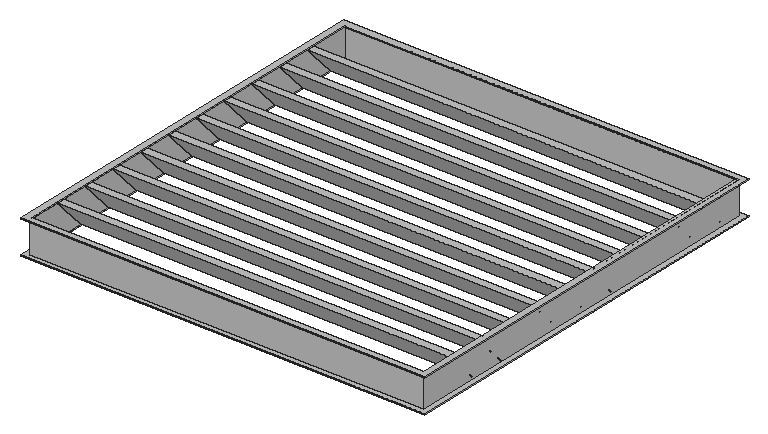
Revit family "Louver-Channel_Frame-Carnes-Backdraft_Damper-Exhaust_FPPB", category Air Terminals, host Face, Revit 2012
Parameters (values of type "(See Type Catalog)")
  ecoScorecard_data = ""
  ecoScorecard Product Page = "http://ecoscorecard.com/"
  Wall Thickness Cut [instance] = 8.03516"
  URL = "http://www.carnes.com/index.html"
  Subcategory = "Louvers and Dampers"
  Specifications  URL = "http://www.carnes.com/Louvers/pdf/30097.pdf"
  Product Page URL = "http://www.carnes.com/Louvers/FPPB-FTPB.htm"
  Product Line = "Combination Louver / Backdraft Damper"
  Pressure Drop = 0.00 Pa
  Outside Width = Louver Width Control + 0.75" * 2  # 49.50"
  Outside Height = Louver Height Control + 0.75" * 2  # 49.50"
  Model = "FPPB"
  Minimum Size = "12\"W x 12\"H"
  Meets Building Code Standards = "See Catalog URL"
  Maximum Size Note = "60\"W x 120\"H"
  Manufacturer = "Carnes Company"
  Louver Width Control = if(Louver Width < 12.00", 12.00", if(Louver Width > 60.00", 60.00", Louver Width))  # 48.00"
  Louver Height Control = if(Louver Height < 12.00", 12.00", if(Louver Height > 120.00", 120.00", Louver Height))  # 48.00"
  Free Area Note = "See Spec Sheet URL"
  Free Area = 0.00 SF
  Description = "Combination Louver / Backdraft Damper"
  Connector Description 1 = "Duct Connetor"
  Blades Quantity [instance] = (Louver Height Control - (Blade Offset from Frame - 0.75")) / 4.25"  # 10
  Manufacturer Phone = "608-845-6411"
  Manufacturer Fax = "608-845-6470"
  Manufacturer Email = "mailto:carnes@carnes.com"
  Manufacturer Address = "448 S. Main St., P. O. Box 930040, Verona, WI 53593-0040"
  Louver Width = 48.00"
  Louver Length = 4.16016"
  Louver Height = 48.00"
  Blades Length [instance] = Louver Length - (0.13" * 2)  # 3.90016"
  Frame Material = Aluminum - Carnes - Extruded
  Default Elevation = 48.00"
  Cost Info = "mailto:carnes@carnes.com"
  Catalog URL = "http://www.carnes.com/Louvers/pdf/f40-41.pdf"
  Symbol Blades Quantity = Louver Width / 4.25"  # 11
  Blade Offset from Frame [instance] = 4.50"
  Blade Material = Aluminum - Carnes - Extruded
  Assembly Code = "D3090700"
  Airflow = 0 CFM
  95 CSI = "10200"
  04 CSI = "08 91 00"
Reference planes (in)
  plane 1 "Center (Elevation)": y = 0
  plane 2: z = 0
  plane 3 "Center (Left/Right)": x = 0
  plane 4 "Rear": z = -4.16016
  plane 5: z = -0.125
  plane 6: z = -4.03516
  plane 7: z = -2.08008
  plane 8: x = -24
  plane 9: x = 24
  plane 10: x = -24.75
  plane 11: x = 24.75
  plane 12: y = 24
  plane 13: y = -24
  plane 14: y = 24.75
  plane 15: y = -24.75
  plane 16 "Blade CL": y = 20.25
  plane 17: z = -8.03516
Forms (in)
  Extrusion 1, solid, material "Aluminum - Carnes - Extruded" <- "Frame Material"
    sketch origin (0, 0, 0) x (1, 0, 0) y (0, 1, 0)
      loop
        line (-24.75, 24.75) -> (-24.75, -24.75) -> (24.75, -24.75) -> (24.75, 24.75) -> (-24.75, 24.75)
      loop
        line (-24, 24) -> (-24, -24) -> (24, -24) -> (24, 24) -> (-24, 24)
    from -0.125 to 0
  Extrusion 2, solid, material "Aluminum - Carnes - Extruded" <- "Frame Material"
    sketch origin (0, 0, 0) x (1, 0, 0) y (0, 1, 0)
      loop
        line (-24.75, 24.75) -> (-24.75, -24.75) -> (24.75, -24.75) -> (24.75, 24.75) -> (-24.75, 24.75)
      loop
        line (-24, 24) -> (-24, -24) -> (24, -24) -> (24, 24) -> (-24, 24)
    from -4.16016 to -4.03516
  Extrusion 3, solid, material "Aluminum - Carnes - Extruded" <- "Frame Material"
    sketch origin (0, 0, 0) x (1, 0, 0) y (0, 1, 0)
      loop
        line (-24, 24) -> (-24, -24) -> (24, -24) -> (24, 24) -> (-24, 24)
      loop
        line (-24.125, 24.125) -> (-24.125, -24.125) -> (24.125, -24.125) -> (24.125, 24.125) -> (-24.125, 24.125)
    from -4.03516 to -0.125
  Sweep 4, void
    path origin (0, 0, 0) x (0, 1, 0) y (0, 0, 1)
      loop
        line (0, 0) -> (0, -8.03516)
    profile origin (0, 0, -4.01758) x (1, 0, 0) y (0, 1, 0)
      loop
        line (-24.75, 24.75) -> (-24.75, -24.75) -> (24.75, -24.75) -> (24.75, 24.75) -> (-24.75, 24.75)
Lines and regions (in)
  Masking region 1, detail levels coarse
    outline origin (0, 0, 0) x (1, 0, 0) y (0, 0, 1)
      loop
        line (24.75, 0) -> (-24.75, 0) -> (-24.75, -4.16016) -> (24.75, -4.16016) -> (24.75, 0)
  Masking region 2, detail levels medium+fine
    outline origin (0, 0, 0) x (1, 0, 0) y (0, 0, 1)
      loop
        line (24.75, 0) -> (-24.75, 0) -> (-24.75, -0.125) -> (-24.125, -0.125) -> (-24.125, -4.03516) -> (-24.75, -4.03516) -> (-24.75, -4.16016) -> (24.75, -4.16016) -> (24.75, -4.03516) -> (24.125, -4.03516) -> (24.125, -0.125) -> (24.75, -0.125) -> (24.75, 0)
  symbolic lines, detail levels fine
    curve 1: line (24.125, 0, -0.125) -> (-24.125, 0, -0.125)
    curve 2: line (24.125, 0, -4.03516) -> (-24.125, 0, -4.03516)
  symbolic lines
    curve 3: line (24, 0, -0.1875) -> (23.52861, 0, -0.1875)
    curve 4: line (21.47501, 0, -3.97516) -> (22.50249, 0, -2.08008)
    curve 5: line (22.50249, 0, -2.08008) -> (23.52861, 0, -0.1875)
    curve 6: line (21.47501, 0, -3.97516) -> (20.94248, 0, -3.97516)
    curve 7: line (19.75, 0, -0.1875) -> (19.27861, 0, -0.1875)
    curve 8: line (17.22501, 0, -3.97516) -> (18.25249, 0, -2.08008)
    curve 9: line (18.25249, 0, -2.08008) -> (19.27861, 0, -0.1875)
    curve 10: line (17.22501, 0, -3.97516) -> (16.69248, 0, -3.97516)
    curve 11: line (15.5, 0, -0.1875) -> (15.02861, 0, -0.1875)
    curve 12: line (12.97501, 0, -3.97516) -> (14.00249, 0, -2.08008)
    curve 13: line (14.00249, 0, -2.08008) -> (15.02861, 0, -0.1875)
    curve 14: line (12.97501, 0, -3.97516) -> (12.44248, 0, -3.97516)
    curve 15: line (11.25, 0, -0.1875) -> (10.77861, 0, -0.1875)
    curve 16: line (8.72501, 0, -3.97516) -> (9.75249, 0, -2.08008)
    curve 17: line (9.75249, 0, -2.08008) -> (10.77861, 0, -0.1875)
    curve 18: line (8.72501, 0, -3.97516) -> (8.19248, 0, -3.97516)
    curve 19: line (7, 0, -0.1875) -> (6.52861, 0, -0.1875)
    curve 20: line (4.47501, 0, -3.97516) -> (5.50249, 0, -2.08008)
    curve 21: line (5.50249, 0, -2.08008) -> (6.52861, 0, -0.1875)
    curve 22: line (4.47501, 0, -3.97516) -> (3.94248, 0, -3.97516)
    curve 23: line (2.75, 0, -0.1875) -> (2.27861, 0, -0.1875)
    curve 24: line (0.22501, 0, -3.97516) -> (1.25249, 0, -2.08008)
    curve 25: line (1.25249, 0, -2.08008) -> (2.27861, 0, -0.1875)
    curve 26: line (0.22501, 0, -3.97516) -> (-0.30752, 0, -3.97516)
    curve 27: line (-1.5, 0, -0.1875) -> (-1.97139, 0, -0.1875)
    curve 28: line (-4.02499, 0, -3.97516) -> (-2.99751, 0, -2.08008)
    curve 29: line (-2.99751, 0, -2.08008) -> (-1.97139, 0, -0.1875)
    curve 30: line (-4.02499, 0, -3.97516) -> (-4.55752, 0, -3.97516)
    curve 31: line (-5.75, 0, -0.1875) -> (-6.22139, 0, -0.1875)
    curve 32: line (-8.27499, 0, -3.97516) -> (-7.24751, 0, -2.08008)
    curve 33: line (-7.24751, 0, -2.08008) -> (-6.22139, 0, -0.1875)
    curve 34: line (-8.27499, 0, -3.97516) -> (-8.80752, 0, -3.97516)
    curve 35: line (-10, 0, -0.1875) -> (-10.47139, 0, -0.1875)
    curve 36: line (-12.52499, 0, -3.97516) -> (-11.49751, 0, -2.08008)
    curve 37: line (-11.49751, 0, -2.08008) -> (-10.47139, 0, -0.1875)
    curve 38: line (-12.52499, 0, -3.97516) -> (-13.05752, 0, -3.97516)
    curve 39: line (-14.25, 0, -0.1875) -> (-14.72139, 0, -0.1875)
    curve 40: line (-16.77499, 0, -3.97516) -> (-15.74751, 0, -2.08008)
    curve 41: line (-15.74751, 0, -2.08008) -> (-14.72139, 0, -0.1875)
    curve 42: line (-16.77499, 0, -3.97516) -> (-17.30752, 0, -3.97516)
    curve 43: line (-18.5, 0, -0.1875) -> (-18.97139, 0, -0.1875)
    curve 44: line (-21.02499, 0, -3.97516) -> (-19.99751, 0, -2.08008)
    curve 45: line (-19.99751, 0, -2.08008) -> (-18.97139, 0, -0.1875)
    curve 46: line (-21.02499, 0, -3.97516) -> (-21.55752, 0, -3.97516)
Dimensions and locks (in)
  equal spacing: plane 15, plane 1 "Center (Elevation)", plane 14
  locked: plane 2 to plane 5 at 0.125
  locked: plane 6 to plane 4 "Rear" at 0.125
  "Louver Length": plane 2 to plane 4 "Rear"
  equal spacing: plane 5, plane 7, plane 6
  "Blade Offset from Frame": plane 14 to plane 16 "Blade CL"
  "Outside Height": plane 14 to plane 15
  equal spacing: plane 8, plane 3 "Center (Left/Right)", plane 9
  "Louver Width": plane 8 to plane 9
  equal spacing: plane 10, plane 3 "Center (Left/Right)", plane 11
  "Outside Width": plane 10 to plane 11
  equal spacing: plane 13, plane 1 "Center (Elevation)", plane 12
  "Louver Height": plane 13 to plane 12
  locked: curve 3 to plane 5 at 0.0625
  equal spacing: group 1, group 2, group 3, group 4, group 5, group 6, group 7, group 8, group 9, group 10  (x2)
  equal spacing: group 10, group 9, group 8, group 7, group 6, group 5, group 4, group 3, group 2, group 1
  locked: nested 1 to nested 2 at 4.25
  plane 6 to curve 6 = 0.06"
  equal spacing: group 21, group 20, group 19, group 18, group 17, group 16, group 15, group 14, group 13, group 12, group 11
  equal spacing: group 11, group 12, group 13, group 14, group 15, group 16, group 17, group 18, group 19, group 20, group 21  (x2)
  locked: curve 5 to curve 9 at 4.25
  locked: curve 6 to plane 11 at 3.80752
  "Wall Thickness Cut": plane 2 to plane 17
  aligned and locked: plane 2 to host face
  aligned and locked: host face to level
  aligned and locked: plane 10 to Extrusion 1 sketch curve
  aligned and locked: Extrusion 1 sketch curve to plane 14
  aligned and locked: plane 15 to Extrusion 1 sketch curve
  aligned and locked: plane 11 to Extrusion 1 sketch curve
  aligned and locked: plane 8 to Extrusion 1 sketch curve
  aligned and locked: Extrusion 1 sketch curve to plane 12
  aligned and locked: plane 13 to Extrusion 1 sketch curve
  aligned and locked: plane 9 to Extrusion 1 sketch curve
  aligned and locked: Extrusion 1 to plane 5
  aligned and locked: plane 2 to Extrusion 1
  aligned and locked: Extrusion 2 sketch curve to Extrusion 1  (x6)
  aligned and locked: Extrusion 1 to Extrusion 2 sketch curve  (x2)
  aligned and locked: plane 6 to Extrusion 2
  aligned and locked: Extrusion 2 to plane 4 "Rear"
  aligned and locked: plane 8 to Extrusion 3 sketch curve
  aligned and locked: Extrusion 3 sketch curve to Extrusion 1  (x3)
  aligned and locked: plane 5 to Extrusion 3
  aligned and locked: Extrusion 3 to plane 6
  aligned and locked: plane 11 to Masking region 1 sketch curve
  aligned and locked: Masking region 1 sketch curve to plane 2
  aligned and locked: plane 4 "Rear" to Masking region 1 sketch curve
  aligned and locked: plane 10 to Masking region 1 sketch curve
  aligned and locked: Masking region 2 sketch curve to level
  aligned and locked: Masking region 2 sketch curve to plane 11  (x2)
  aligned and locked: plane 5 to Masking region 2 sketch curve  (x2)
  aligned and locked: Masking region 2 sketch curve to Extrusion 3  (x2)
  aligned and locked: plane 6 to Masking region 2 sketch curve  (x2)
  aligned and locked: plane 4 "Rear" to Masking region 2 sketch curve
  aligned and locked: Masking region 2 sketch curve to plane 10  (x2)
  aligned and locked: Extrusion 3 to curve 1  (x2)
  aligned and locked: curve 1 to plane 5
  aligned and locked: Extrusion 3 to curve 2  (x2)
  aligned and locked: curve 2 to plane 6
  aligned and locked: plane 3 "Center (Left/Right)" to nested 1
  aligned and locked: plane 7 to nested 1
  aligned and locked: nested 1 to plane 16 "Blade CL"
  aligned and locked: plane 9 to curve 3
  aligned and locked: plane 2 to Sweep 4 sketch curve
  aligned and locked: plane 17 to Sweep 4 sketch curve
  aligned and locked: Sweep 4 sketch curve to plane 1 "Center (Elevation)"
  aligned and locked: plane 10 to Sweep 4 sketch curve
  aligned and locked: Sweep 4 sketch curve to plane 14
  aligned and locked: plane 11 to Sweep 4 sketch curve
  aligned and locked: Sweep 4 sketch curve to plane 15
Automatic sketch dimensions
  Extrusion 3 sketch curve to plane 8 = 0.125"
  Extrusion 3 sketch curve to plane 9 = 0.125"
  plane 13 to Extrusion 3 sketch curve = 0.125"
  plane 12 to Extrusion 3 sketch curve = 0.125"
  host sketch curve to host sketch curve = 122.28147"
  host sketch curve to host sketch curve = 173.35151"
  curve 4 to curve 5 = 2.1557"  (x3)
  curve 4 to curve 5 = 2.15285"  (x4)
  curve 3 to curve 3 = 0.47139"  (x3)
  curve 6 to curve 6 = 0.53253"
  curve 4 to curve 4 = 2.1557"  (x2)
  curve 4 to curve 3 = 2.15285"  (x2)
  curve 6 to curve 4 = 0.53253"
  curve 6 to curve 5 = 2.45458"
Nested families (in)
  nested 1: "Louver-Carnes-Drainable_Blade" at (0, 19.875, -2.08008), type "Standard"
    with Width 48.00"
  nested 2: "Louver-Carnes-Drainable_Blade" at (0, 15.625, -2.08008), type "Standard"
    with Width 48.00"
  nested 3: "Louver-Carnes-Drainable_Blade" at (0, 11.375, -2.08008), type "Standard"
    with Width 48.00"
  nested 4: "Louver-Carnes-Drainable_Blade" at (0, 7.125, -2.08008), type "Standard"
    with Width 48.00"
  nested 5: "Louver-Carnes-Drainable_Blade" at (0, 2.875, -2.08008), type "Standard"
    with Width 48.00"
  nested 6: "Louver-Carnes-Drainable_Blade" at (0, -1.375, -2.08008), type "Standard"
    with Width 48.00"
  nested 7: "Louver-Carnes-Drainable_Blade" at (0, -5.625, -2.08008), type "Standard"
    with Width 48.00"
  nested 8: "Louver-Carnes-Drainable_Blade" at (0, -9.875, -2.08008), type "Standard"
    with Width 48.00"
  nested 9: "Louver-Carnes-Drainable_Blade" at (0, -14.125, -2.08008), type "Standard"
    with Width 48.00"
  nested 10: "Louver-Carnes-Drainable_Blade" at (0, -18.375, -2.08008), type "Standard"
    with Width 48.00"
Connectors (in)
  hvac at (0, 0, -4.16016), driven by "Louver Height Control", driven by "Louver Width Control", driven by "Connector Description 1", driven by "Airflow", driven by "Pressure Drop"
    settings: on Extrusion 2, index 1, duct flow 0 CFM, flow factor 0, pres drop 0.00 Pa, loss coef 0, conn angle 0.00°, conn width 48", conn height 48", conn radius 12", duct sys type 3, conn prof type 1, flow config 0, flow direction 2, loss method 4, conn ref index -1, conn util no, is conn primary yes, conn desc "Duct Connetor"
Definition of nested family "Louver-Carnes-Drainable_Blade"
  Parameters (values of type "Standard")
    Width = 51.00"
    Height = 3.91"
    Blade Material = Aluminum - Carnes - Extruded
    Length = 4.16016"
    Assembly Code = ""
  Reference planes (in)
    plane 1 "Center (Front/Back)": y = 0.375
    plane 2: z = 0
    plane 3 "Center (Left/Right)": x = 0
    plane 4: y = 2.45508
    plane 5: y = -1.70508
    plane 6: z = 1.955
    plane 7: z = -1.955
    plane 8: x = -25.5
    plane 9: x = 25.5
  Forms (in)
    Sweep 1, solid, material "Aluminum - Carnes - Extruded" <- "Blade Material"
      path origin (-0.375, 0.375, 0) x (0, -1, 0) y (1, 0, 0)
        loop
          line (0, -25.125) -> (0, 25.875)
      profile origin (0, 0.375, 0) x (0, 1, 0) y (0, 0, 1)
        loop
          line (2.08008, -1.68742) -> (1.95508, -1.68742) -> (1.95508, -1.83) -> (1.5617, -1.83) -> (-1.79503, 1.82917) -> (-1.1242, 1.82917) -> (-1.1242, 1.955) -> (-2.08008, 1.955) -> (1.50674, -1.955) -> (2.08008, -1.955) -> (2.08008, -1.68742)
  Dimensions and locks (in)
    equal spacing: plane 6, plane 2, plane 7
    equal spacing: plane 8, plane 3 "Center (Left/Right)", plane 9
    "Width": plane 8 to plane 9
    equal spacing: plane 4, plane 1 "Center (Front/Back)", plane 5
    "Length": plane 4 to plane 5
    "Height": plane 6 to plane 7
    aligned and locked: plane 8 to Sweep 1 sketch curve
    aligned and locked: plane 9 to Sweep 1 sketch curve
    aligned and locked: plane 1 "Center (Front/Back)" to Sweep 1 sketch curve
    aligned and locked: Sweep 1 sketch curve to plane 6
    aligned and locked: plane 7 to Sweep 1 sketch curve
    aligned and locked: plane 4 to Sweep 1 sketch curve
    aligned and locked: plane 2 to level
  Automatic sketch dimensions
    Sweep 1 sketch curve to Sweep 1 sketch curve = 0.67084"
    Sweep 1 sketch curve to Sweep 1 sketch curve = 0.05496"
    Sweep 1 sketch curve to Sweep 1 sketch curve = 0.125"  (x2)
    Sweep 1 sketch curve to Sweep 1 sketch curve = 0.14258"
    Sweep 1 sketch curve to Sweep 1 sketch curve = 0.12583"
    Sweep 1 sketch curve to Sweep 1 sketch curve = 0.39337"
    Sweep 1 sketch curve to Sweep 1 sketch curve = 0.28505"
    profile plane to Sweep 1 sketch curve = 1.1242"
